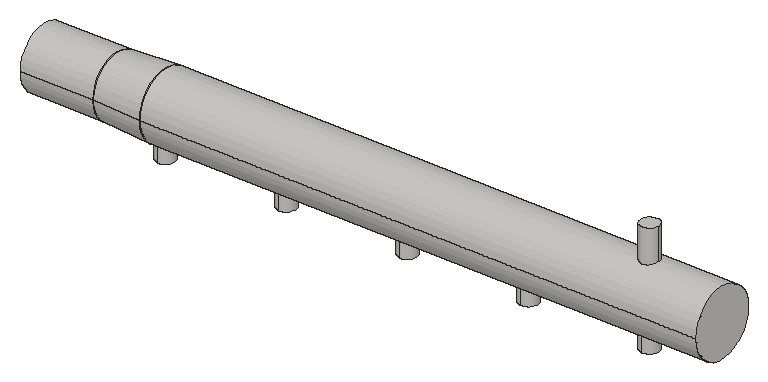
Revit family "BIMLIB_Коллектор_867_5_РОСТерм", category Оборудование, Revit 2017
Family settings
  Размер круглого соединителя = Использовать диаметр
  Тип детали = Нормальный
  На основе рабочей плоскости = Нет
  Всегда вертикально = Да
  При загрузке вырезать с полостями = Нет
  Общий = Нет
  Точка расчета площади = Нет
Parameters (values of type "Коллектор HEIZEN 867 для систем отопления сварной Ду50 на 5 выходов")
  РТ_Шаг = 100 mm
  РТ_l = 100 mm  # constant formula
  РТ_R1 = 27 mm
  РТ_R_низ = РТ_DN_низ / 2  # 7.5 mm
  РТ_DN3 = 15 mm  # constant formula
  Описание = "Коллекторы Heizen изготовлены из высококачественной латуни и нержавеющей стали, что исключает риск протечек. Коллекторы могут быть оснащены различными видами арматуры: ручными балансировочными клапанами,ручными запорными клапанами, термостатическими клапанами, расходомерами, воздухоотводчиками и дренажными кранами."
  РТ_DN_низ = 15 mm  # constant formula
  РТ_DN_бок = 50 mm
  Изготовитель = "РОСТерм"  # constant formula
  URL = "http://rostherm.ru/"
  RT_R2 = РТ_DN_бок / 2  # 25 mm
  BL_Разработано = "support@bimlib.ru"  # constant formula
  BL_Email = "rostherm@bimlib.ru"  # constant formula
  BL_BIM library = "https://bimlib.pro/manufacturer/rosterm/1632/"
  ADSK_Расход жидкости [instance] = 0.0 L/s
  ADSK_Примечание = ""
  ADSK_Позиция = ""
  ADSK_Обозначение = "ГОСТ 12.2.063-2015"  # constant formula
  ADSK_Наименование краткое = "HEIZEN 867 Ду50"
  ADSK_Наименование = "Коллектор HEIZEN 867 для систем отопления сварной Ду50 на 5 выходов"
  ADSK_Материал = BIMLIB_Нержавеющая_сталь_РОСТерм
  ADSK_Масса_Текст = ""
  ADSK_Масса = 0
  ADSK_Марка = "HEIZEN 867"  # constant formula
  ADSK_Код изделия = "867-50-10-05"
  ADSK_Завод-изготовитель = "Heizen"  # constant formula
  ADSK_Единица измерения = "шт."  # constant formula
  ADSK_Версия Revit = "2017"  # constant formula
  ADSK_URL страницы изделия = "http://rostherm.ru/kollektory/"
  ADSK_URL документации изделия = "http://rostherm.ru/"
Types (3, lengths in mm): name | РТ_R1 | РТ_DN_бок | RT_R2 | ADSK_Наименование краткое | ADSK_Наименование | ADSK_Код изделия
  Коллектор HEIZEN 867 для систем отопления сварной Ду50 на 5 выходов | 27 | 50 | 25 | "HEIZEN 867 Ду50" | "Коллектор HEIZEN 867 для систем отопления сварной Ду50 на 5 выходов" | "867-50-10-05"
  Коллектор HEIZEN 867 для систем отопления сварной Ду40 на 5 выходов | 22 | 40 | 20 | "HEIZEN 867 Ду40" | "Коллектор HEIZEN 867 для систем отопления сварной Ду40 на 5 выходов" | "867-40-10-05"
  Коллектор HEIZEN 867 для систем отопления сварной Ду32 на 5 выходов | 18 | 32 | 16 | "HEIZEN 867 Ду32" | "Коллектор HEIZEN 867 для систем отопления сварной Ду32 на 5 выходов" | "867-32-10-05"
Reference planes
  plane 1 "По центру (Вперед/Назад)": y = 0
  plane 2: z = 0
  plane 3 "По центру (Влево/Вправо)": x = 0
  plane 4: x = 100
  plane 5: x = 60
Forms (mm)
  Extrusion 1, solid, material "BIMLIB_Нержавеющая_сталь_РОСТерм" <- "ADSK_Материал", detail levels medium+fine
    sketch origin (65, 0, 0) x (0, 1, 0) y (0, 0, 1)
      loop
        circle (0, 0) r 27
    from 35 to 495
  Sweep 2, solid, material "BIMLIB_Нержавеющая_сталь_РОСТерм" <- "ADSK_Материал", detail levels medium+fine
    path origin (65, 0, 7.5) x (1, 0, 0) y (0, 0, 1)
      loop
        line (35, -7.5) -> (35, -47.5)
    profile origin (100, 0, -20) x (0, -1, 0) y (1, 0, 0)
      loop
        circle (0, 0) r 7.5
  Blend 3, solid, material "BIMLIB_Нержавеющая_сталь_РОСТерм" <- "ADSK_Материал", detail levels medium+fine
    base sketch origin (50, 0, 0) x (0, 1, 0) y (0, 0, 1)
      loop
        circle (0, 0) r 27
    top sketch origin (50, 0, 0) x (0, 1, 0) y (0, 0, 1)
      loop
        circle (0, 0) r 25
    from 50 to 10
  Extrusion 4, solid, material "BIMLIB_Нержавеющая_сталь_РОСТерм" <- "ADSK_Материал", detail levels medium+fine
    sketch origin (50, 0, 0) x (0, 1, 0) y (0, 0, 1)
      loop
        circle (0, 0) r 25
    from -50 to 10
  Sweep 5, solid, material "BIMLIB_Нержавеющая_сталь_РОСТерм" <- "ADSK_Материал", detail levels medium+fine
    path origin (165, 0, 7.5) x (1, 0, 0) y (0, 0, 1)
      loop
        line (35, -7.5) -> (35, -47.5)
    profile origin (200, 0, -20) x (0, -1, 0) y (1, 0, 0)
      loop
        circle (0, 0) r 7.5
  Sweep 6, solid, material "BIMLIB_Нержавеющая_сталь_РОСТерм" <- "ADSK_Материал", detail levels medium+fine
    path origin (265, 0, 7.5) x (1, 0, 0) y (0, 0, 1)
      loop
        line (35, -7.5) -> (35, -47.5)
    profile origin (300, 0, -20) x (0, -1, 0) y (1, 0, 0)
      loop
        circle (0, 0) r 7.5
  Sweep 7, solid, material "BIMLIB_Нержавеющая_сталь_РОСТерм" <- "ADSK_Материал", detail levels medium+fine
    path origin (365, 0, 7.5) x (1, 0, 0) y (0, 0, 1)
      loop
        line (35, -7.5) -> (35, -47.5)
    profile origin (400, 0, -20) x (0, -1, 0) y (1, 0, 0)
      loop
        circle (0, 0) r 7.5
  Sweep 8, solid, material "BIMLIB_Нержавеющая_сталь_РОСТерм" <- "ADSK_Материал", detail levels medium+fine
    path origin (465, 0, 7.5) x (1, 0, 0) y (0, 0, 1)
      loop
        line (35, -7.5) -> (35, -47.5)
    profile origin (500, 0, -20) x (0, -1, 0) y (1, 0, 0)
      loop
        circle (0, 0) r 7.5
  Extrusion 9, solid, material "BIMLIB_Нержавеющая_сталь_РОСТерм" <- "ADSK_Материал", detail levels medium+fine
    sketch origin (-599.815, 0, 0) x (1, 0, 0) y (0, 1, 0)
      loop
        circle (1099.815, 0) r 7.5
    from 0 to 52.797
Cuts and joins
  joined: Extrusion 1, Extrusion 9
Lines and regions (mm)
  model lines, detail levels coarse
    curve 1: line (0, 0, 0) -> (560, 0, 0)
    curve 2: line (100, 0, 0) -> (100, 0, -40)
    curve 3: line (200.436, 0, -40) -> (200.436, 0, 0)
    curve 4: line (300, 0, -40) -> (300, 0, 0)
    curve 5: line (400, 0, -40) -> (400, 0, 0)
    curve 6: line (500.436, 0, -40) -> (500.436, 0, 0)
Dimensions and locks
  "РТ_l": plane 4 to plane 3 "По центру (Влево/Вправо)"
  Sweep 2 sketch curve to Sweep 2 sketch curve = 40 mm
  locked: plane 4 to plane 5 at 40
  Sweep 5 sketch curve to Sweep 5 sketch curve = 40 mm
  Sweep 6 sketch curve to Sweep 6 sketch curve = 40 mm
  Sweep 7 sketch curve to Sweep 7 sketch curve = 40 mm
  Sweep 8 sketch curve to Sweep 8 sketch curve = 40 mm
  "РТ_R1": radius of Extrusion 1 sketch curve
  "РТ_R_низ": radius of Sweep 2 sketch curve
  "РТ_R1": radius of Blend 3 sketch curve
  "RT_R2": radius of Blend 3 sketch curve
  "RT_R2": radius of Extrusion 4 sketch curve
  "РТ_R_низ": radius of Sweep 5 sketch curve
  "РТ_R_низ": radius of Sweep 6 sketch curve
  "РТ_R_низ": radius of Sweep 7 sketch curve
  "РТ_R_низ": radius of Sweep 8 sketch curve
  "РТ_R_низ": radius of Extrusion 9 sketch curve
  aligned and locked: level to plane 2
  aligned and locked: curve 2 to plane 4
  aligned and locked: plane 4 to Sweep 2
  aligned and locked: Blend 3 to plane 5
  aligned and locked: Extrusion 4 to plane 3 "По центру (Влево/Вправо)"
  aligned and locked: Extrusion 4 to Blend 3
  aligned and locked: cut or joined group of Extrusion 1, Extrusion 9 to curve 1
Automatic sketch dimensions
  Sweep 2 sketch curve to profile plane = 0 mm
  profile plane to Sweep 2 sketch curve = 0 mm
  Extrusion 1 sketch curve to level = 0 mm
  Extrusion 1 sketch curve to plane 1 "По центру (Вперед/Назад)" = 0 mm
  Blend 3 sketch curve to level = 0 mm  (x2)
  Blend 3 sketch curve to plane 1 "По центру (Вперед/Назад)" = 0 mm  (x2)
  Extrusion 4 sketch curve to level = 0 mm
  Extrusion 4 sketch curve to plane 1 "По центру (Вперед/Назад)" = 0 mm
  Sweep 5 sketch curve to profile plane = 0 mm
  profile plane to Sweep 5 sketch curve = 0 mm
  Sweep 6 sketch curve to profile plane = 0 mm
  profile plane to Sweep 6 sketch curve = 0 mm
  Sweep 7 sketch curve to profile plane = 0 mm
  profile plane to Sweep 7 sketch curve = 0 mm
  Sweep 8 sketch curve to profile plane = 0 mm
  profile plane to Sweep 8 sketch curve = 0 mm
  plane 1 "По центру (Вперед/Назад)" to Extrusion 9 sketch curve = 0 mm
  plane 4 to Extrusion 9 sketch curve = 400 mm
  curve 1 to level = 0 mm
  curve 1 to plane 3 "По центру (Влево/Вправо)" = 0 mm
  curve 3 to level = 40 mm
  curve 3 to curve 4 = 99.564 mm
  curve 5 to level = 40 mm
  curve 4 to curve 5 = 100 mm
  curve 6 to level = 40 mm
  curve 5 to curve 6 = 100.436 mm
  curve 6 to curve 1 = 59.564 mm
  curve 2 to level = 40 mm
  curve 4 to curve 4 = 40 mm
Connectors
  piping at (100, 0, -40), diameter 15, driven by "РТ_DN_низ", driven by "ADSK_Расход жидкости"
    settings: on Sweep 2, index 3, connector inside diameter 609.6 mm, connector length 0 mm, flow factor 0, pipe flow 0.0 L/s, pressure drop 0.0 Pa, fitting loss kfactor 0, connector angle 0.00°, fixture units 0, engagement length 0 mm, angle of deflection 0.00°, flow configuration 0, flow direction 2, fitting loss method 0, system type 7, joint type 0, gender type 0, connector reference index -1, connector utility 0, adjustable connector no, is connector primary yes, connector description ""
  piping at (0, 0, 0), diameter 50, driven by "ADSK_Расход жидкости", driven by "РТ_DN_бок"
    settings: on Extrusion 4, index 38, connector inside diameter 609.6 mm, connector length 0 mm, flow factor 0, pipe flow 0.0 L/s, pressure drop 0.0 Pa, fitting loss kfactor 0, connector angle 0.00°, fixture units 0, engagement length 0 mm, angle of deflection 0.00°, flow configuration 0, flow direction 1, fitting loss method 0, system type 7, joint type 0, gender type 0, connector reference index -1, connector utility 0, adjustable connector no, is connector primary no, connector description ""
  piping at (200, 0, -40), diameter 15, driven by "РТ_DN_низ", driven by "ADSK_Расход жидкости"
    settings: on Sweep 5, index 39, connector inside diameter 609.6 mm, connector length 0 mm, flow factor 0, pipe flow 0.0 L/s, pressure drop 0.0 Pa, fitting loss kfactor 0, connector angle 0.00°, fixture units 0, engagement length 0 mm, angle of deflection 0.00°, flow configuration 0, flow direction 2, fitting loss method 0, system type 7, joint type 0, gender type 0, connector reference index -1, connector utility 0, adjustable connector no, is connector primary no, connector description ""
  piping at (300, 0, -40), diameter 15, driven by "РТ_DN_низ", driven by "ADSK_Расход жидкости"
    settings: on Sweep 6, index 40, connector inside diameter 609.6 mm, connector length 0 mm, flow factor 0, pipe flow 0.0 L/s, pressure drop 0.0 Pa, fitting loss kfactor 0, connector angle 0.00°, fixture units 0, engagement length 0 mm, angle of deflection 0.00°, flow configuration 0, flow direction 2, fitting loss method 0, system type 7, joint type 0, gender type 0, connector reference index -1, connector utility 0, adjustable connector no, is connector primary no, connector description ""
  piping at (400, 0, -40), diameter 15, driven by "РТ_DN_низ", driven by "ADSK_Расход жидкости"
    settings: on Sweep 7, index 41, connector inside diameter 609.6 mm, connector length 0 mm, flow factor 0, pipe flow 0.0 L/s, pressure drop 0.0 Pa, fitting loss kfactor 0, connector angle 0.00°, fixture units 0, engagement length 0 mm, angle of deflection 0.00°, flow configuration 0, flow direction 2, fitting loss method 0, system type 7, joint type 0, gender type 0, connector reference index -1, connector utility 0, adjustable connector no, is connector primary no, connector description ""
  piping at (500, 0, -40), diameter 15, driven by "РТ_DN_низ", driven by "ADSK_Расход жидкости"
    settings: on Sweep 8, index 42, connector inside diameter 609.6 mm, connector length 0 mm, flow factor 0, pipe flow 0.0 L/s, pressure drop 0.0 Pa, fitting loss kfactor 0, connector angle 0.00°, fixture units 0, engagement length 0 mm, angle of deflection 0.00°, flow configuration 0, flow direction 2, fitting loss method 0, system type 7, joint type 0, gender type 0, connector reference index -1, connector utility 0, adjustable connector no, is connector primary no, connector description ""
  piping at (500, 0, 52.797), diameter 15, driven by "РТ_DN3", driven by "ADSK_Расход жидкости"
    settings: on cut or joined group of Extrusion 1, Extrusion 9, index 43, connector inside diameter 609.6 mm, connector length 0 mm, flow factor 0, pipe flow 0.0 L/s, pressure drop 0.0 Pa, fitting loss kfactor 0, connector angle 0.00°, fixture units 0, engagement length 0 mm, angle of deflection 0.00°, flow configuration 0, flow direction 0, fitting loss method 0, system type 29, joint type 0, gender type 0, connector reference index -1, connector utility 0, adjustable connector no, is connector primary no, connector description ""
